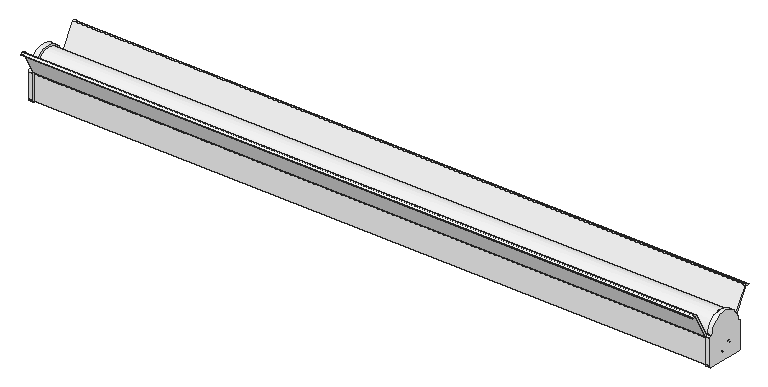
Revit family "0045204+0045233 Feilo Sylvania Lighting Fixture SYLBATTEN LED3 6000K TP4 E3 with SYMMETRIC REFLECTOR ACCESSORY 1200MM", category Lighting Fixtures, host Face, Revit 2017
Family settings
  Host = Face
  Round Connector Dimension = Use Diameter
  Part Type = Normal
  OmniClass Number = 23.80.70.00
  OmniClass Title = Lighting
  Cut with Voids When Loaded = No
  Light Source = Yes
  Shared = No
  Room Calculation Point = No
Parameters (values of type "0045204 Emergency mode")
  Width_FEILO = 66 mm
  Weight = "3.1 kg"
  Wattage Comments = "n/a"
  Wattage = 4.28898 W
  WarrantyStartDate [instance] = "n/a"
  WarrantyGuarantorParts = "n/a"
  WarrantyDurationUnit = "n/a"
  WarrantyDurationParts = "n/a"
  WarrantyDescription = "n/a"
  built-in parameter 1150110 = 1 (stored number, unit not read)
  Voltage = 230 V
  URL = "http://www.sylvania-lighting.com"
  TypeName = "SYLBATTEN LED3 6000K TP4 E3"
  Type Image = <None>
  Type Comments = "n/a"
  built-in parameter 1114217 = 1 (stored number, unit not read)
  Tilt Angle = -90.00°
  built-in parameter 1150109 = 1 (stored number, unit not read)
  built-in parameter 1150134 = 5
  SymReflector_FEILO = yes
  built-in parameter 1150113 = 1 (stored number, unit not read)
  SerialNumber [instance] = "n/a"
  PowerFactor = 0
  PowerConsumption = "4.28 W"
  Photometric Web File = "0045204+0045233.ies"
  NominalLength = 1205 mm
  NominalHeight = 91 mm
  NominalDepth = 122 mm
  Name = "SYLBATTEN LED3 6000K TP4 E3"
  ModelReference = Name  # "SYLBATTEN LED3 6000K TP4 E3"
  ModelNumber = "0045204"
  Model = Name  # "SYLBATTEN LED3 6000K TP4 E3"
  Material_4_FEILO = Reflector-Sylvania-Sylbatten-White
  Material_3_FEILO = Diffuser-Sylvania-Sylbatten-Glow
  Material_2_FEILO = Body-Sylvania-Sylbatten-White
  Material_1_FEILO = Body-Sylvania-Sylbatten-White
  Material = "sheet steel housing, polycarbonate diffuser"
  ManufacturerName = "Feilo Sylvania"
  Manufacturer = "Feilo Sylvania"
  LuminousEfficacy = "104.9 lm/W"
  built-in parameter 1150105 = 156.8 (stored number, unit not read)
  Lumens = 450 lm
  LuminaireType = ""
  built-in parameter 1150115 = 1 (stored number, unit not read)
  LightOutputRatio = "100"
  built-in parameter 1150137 = (empty or 0)
  built-in parameter 1150139 = (empty or 0)
  Length_FEILO = 1205 mm
  LampsType = Lamp  # "LED"
  LampNominalLuminous = "450 lm"
  LampMacAdamStep = "n/a"
  LampColourTemperature = "6000 K"
  LampColourRenderingIndex = "80"
  built-in parameter 1150112 = 1 (stored number, unit not read)
  built-in parameter 1150114 = 1 (stored number, unit not read)
  Lamp = "LED"
  Keynote = "16500"
  InstallationDate [instance] = "n/a"
  InputVoltage = "220-240V~"
  InputNominalFrequency = "n/a"
  built-in parameter 1150132 = (empty or 0)
  built-in parameter 1150102 = (empty or 0)
  built-in parameter 1150107 = 6000 (stored number, unit not read)
  built-in parameter 1150138 = (empty or 0)
  IngressProtection = "IP20"
  ImpactProtectionIndex = "IK07"
  built-in parameter 1150106 = 1.568 (stored number, unit not read)
  IfcExportType = "IfcLightFixtureType"
  IfcExportAs = "IfcLightFixtureType"
  Height_FEILO = 76 mm
  ExpectedLife = 50000
  Emit from Rectangle Width = Length_FEILO - 16 mm  # 1189 mm
  Emit from Rectangle Length = Width_FEILO - 40 mm  # 26 mm
  Emit Shape Visible in Rendering = no
  ElectricShockClassification = "Class I"
  built-in parameter 1150104 = 9.7474 (stored number, unit not read)
  DurationUnit = "hours"
  DocumentationLiterature = "http://www.sylvania-lighting.com/product/en-int/products/0045204"
  DimmingControlOptions = "n/a"
  Dimming Lamp Color Temperature Shift = <None>
  Description = "LED batten, T8 replacement, ease of installation through 2 part push-in design of the housing (safety cable included), through wiring capability (TP4 = 4 core), sheet steel, 2938LM, 26W, 113lm/W, 6000K, drive current: 350mA, CRI 80, 138° wide beam angle, electronic driver (non dimmable), integral 3 hour maintained emergency, IP20, IK07, 50,000 hrs (L70), (LxWxH) 1205x66x76mm, 5 step MacAdam ellipse, 3kg, white RAL 9016, Class 1, 220-240V, energy class: A++, A+, A."
  Default Elevation = 1219.2 mm
  CreatedOn = "1/25/2018"
  CreatedBy = ""
  Cost = 0
  Color Filter = 16777215
  built-in parameter 1114216 [instance] = (empty or 0)
  ClassificationValue = "EF_70_80"
  ClassificationName = "Uniclass2015"
  CapOffset_FEILO = 2 mm
  BarCode [instance] = "n/a"
  built-in parameter 1114218 = 1 (stored number, unit not read)
  BackReflector_FEILO = and(not(AsymReflector_FEILO), SymReflector_FEILO)  # yes
  built-in parameter 1150133 = 10 (stored number, unit not read)
  FrontReflector_FEILO = or(AsymReflector_FEILO, SymReflector_FEILO)  # yes
  AsymReflector_FEILO = no
  AssetType = "Fixed"
  AssetIdentifier [instance] = "n/a"
  Assembly Code = "D5020200"
  Apparent Load = 4.28898 VA
Types (2, lengths in mm): name | Wattage | PowerConsumption | built-in parameter 1150105 | Lumens | LampNominalLuminous | built-in parameter 1150106 | Apparent Load
  0045204 Emergency mode | 4.28898 W | "4.28 W" | 156.8 (stored number, unit not read) | 450 lm | "450 lm" | 1.568 (stored number, unit not read) | 4.28898 VA
  0045204 SYLBATTEN LED3 6000K TP4 E3 | 28 W | "28 W" | 233.78 (stored number, unit not read) | 2937.76 lm | "2938 lm" | 2.3378 (stored number, unit not read) | 28 VA
Reference planes
  plane 1 "Center (Front/Back)": y = 0
  plane 2: z = 0
  plane 3 "Center (Left/Right)": x = 0
  plane 4: x = 602.5
  plane 5: x = -602.5
  plane 6: y = 33
  plane 7: y = -33
  plane 8: z = 76
  plane 9: z = 47
  plane 10: y = -29
  plane 11: y = 29
  plane 12: z = 20
  plane 13: z = 74
  plane 14: y = -31
  plane 15: y = -27
  plane 16: y = 27
  plane 17: y = 31
  plane 18: z = 2
  plane 19: x = -594.5
  plane 20: x = 594.5
  plane 21: z = 49
  plane 22: y = 1
  plane 23: y = -1
  plane 24: z = 21
  plane 25: z = 19
  plane 26: y = -61
  plane 27: y = 61
  plane 28: y = -56
  plane 29: y = 56
  plane 30: z = 91
  plane 31: z = 88
Forms (mm)
  Extrusion 1, solid, material "Body-Sylvania-Sylbatten-White" <- "Material_2_FEILO"
    sketch origin (0, 0, 0) x (0, 1, 0) y (0, 0, 1)
      loop
        line (-31, 2) -> (31, 2) -> (31, 45)
        arc (31, 45) -> (30.414, 46.414) -> (29, 47) r 2
        line (29, 47) -> (27, 47)
        arc (27, 47) -> (0, 74) -> (-27, 47) r 27
        line (-27, 47) -> (-29, 47)
        arc (-29, 47) -> (-30.414, 46.414) -> (-31, 45) r 2
        line (-31, 45) -> (-31, 2)
    from -594.5 to 594.5
  Extrusion 2, solid, material "Body-Sylvania-Sylbatten-White" <- "Material_2_FEILO"
    sketch origin (602.5, 1524, 1219.2) x (0, 1, 0) y (0, 0, 1)
      loop
        arc (-1494, -1219.2) -> (-1491.879, -1218.321) -> (-1491, -1216.2) r 3
        line (-1491, -1216.2) -> (-1491, -1173.2)
        arc (-1491, -1173.2) -> (-1491.879, -1171.079) -> (-1494, -1170.2) r 3
        line (-1494, -1170.2) -> (-1495.069, -1170.2)
        arc (-1495.069, -1170.2) -> (-1524, -1143.2) -> (-1552.931, -1170.2) r 29
        line (-1552.931, -1170.2) -> (-1554, -1170.2)
        arc (-1554, -1170.2) -> (-1556.121, -1171.079) -> (-1557, -1173.2) r 3
        line (-1557, -1173.2) -> (-1557, -1216.2)
        arc (-1557, -1216.2) -> (-1556.121, -1218.321) -> (-1554, -1219.2) r 3
        line (-1554, -1219.2) -> (-1494, -1219.2)
      loop
        arc (-1525, -1189.25) -> (-1531.071, -1192.129) -> (-1533.95, -1198.2) r 10
        line (-1533.95, -1198.2) -> (-1532.944, -1198.2)
        arc (-1532.944, -1198.2) -> (-1530.364, -1192.836) -> (-1525, -1190.256) r 9
        line (-1525, -1190.256) -> (-1525, -1189.25)
      loop
        arc (-1523, -1190.256) -> (-1517.636, -1192.836) -> (-1515.056, -1198.2) r 9
        line (-1515.056, -1198.2) -> (-1514.05, -1198.2)
        arc (-1514.05, -1198.2) -> (-1516.929, -1192.129) -> (-1523, -1189.25) r 10
        line (-1523, -1189.25) -> (-1523, -1190.256)
      loop
        line (-1532.944, -1200.2) -> (-1533.95, -1200.2)
        arc (-1533.95, -1200.2) -> (-1531.071, -1206.271) -> (-1525, -1209.15) r 10
        line (-1525, -1209.15) -> (-1525, -1208.144)
        arc (-1525, -1208.144) -> (-1530.364, -1205.564) -> (-1532.944, -1200.2) r 9
      loop
        arc (-1515.056, -1200.2) -> (-1517.636, -1205.564) -> (-1523, -1208.144) r 9
        line (-1523, -1208.144) -> (-1523, -1209.15)
        arc (-1523, -1209.15) -> (-1516.929, -1206.271) -> (-1514.05, -1200.2) r 10
        line (-1514.05, -1200.2) -> (-1515.056, -1200.2)
    from 0 to -8
  Extrusion 3, solid, material "Body-Sylvania-Sylbatten-White" <- "Material_2_FEILO"
    sketch origin (-602.5, 1524, 1219.2) x (0, 1, 0) y (0, 0, 1)
      loop
        arc (-1495.069, -1170.2) -> (-1524, -1143.2) -> (-1552.931, -1170.2) r 29
        line (-1552.931, -1170.2) -> (-1554, -1170.2)
        arc (-1554, -1170.2) -> (-1556.121, -1171.079) -> (-1557, -1173.2) r 3
        line (-1557, -1173.2) -> (-1557, -1216.2)
        arc (-1557, -1216.2) -> (-1556.121, -1218.321) -> (-1554, -1219.2) r 3
        line (-1554, -1219.2) -> (-1494, -1219.2)
        arc (-1494, -1219.2) -> (-1491.879, -1218.321) -> (-1491, -1216.2) r 3
        line (-1491, -1216.2) -> (-1491, -1173.2)
        arc (-1491, -1173.2) -> (-1491.879, -1171.079) -> (-1494, -1170.2) r 3
        line (-1494, -1170.2) -> (-1495.069, -1170.2)
      loop
        line (-1533.95, -1198.2) -> (-1532.944, -1198.2)
        arc (-1532.944, -1198.2) -> (-1530.364, -1192.836) -> (-1525, -1190.256) r 9
        line (-1525, -1190.256) -> (-1525, -1189.25)
        arc (-1525, -1189.25) -> (-1531.071, -1192.129) -> (-1533.95, -1198.2) r 10
      loop
        line (-1523, -1189.25) -> (-1523, -1190.256)
        arc (-1523, -1190.256) -> (-1517.636, -1192.836) -> (-1515.056, -1198.2) r 9
        line (-1515.056, -1198.2) -> (-1514.05, -1198.2)
        arc (-1514.05, -1198.2) -> (-1516.929, -1192.129) -> (-1523, -1189.25) r 10
      loop
        line (-1514.05, -1200.2) -> (-1515.056, -1200.2)
        arc (-1515.056, -1200.2) -> (-1517.636, -1205.564) -> (-1523, -1208.144) r 9
        line (-1523, -1208.144) -> (-1523, -1209.15)
        arc (-1523, -1209.15) -> (-1516.929, -1206.271) -> (-1514.05, -1200.2) r 10
      loop
        line (-1525, -1209.15) -> (-1525, -1208.144)
        arc (-1525, -1208.144) -> (-1530.364, -1205.564) -> (-1532.944, -1200.2) r 9
        line (-1532.944, -1200.2) -> (-1533.95, -1200.2)
        arc (-1533.95, -1200.2) -> (-1531.071, -1206.271) -> (-1525, -1209.15) r 10
    from 0 to 8
  Extrusion 4, solid, material "Reflector-Sylvania-Sylbatten-White" <- "Material_4_FEILO", visible <- "FrontReflector_FEILO"
    sketch origin (0, 0, 0) x (0, 1, 0) y (0, 0, 1)
      loop
        line (-61.257, 88.429) -> (-60.743, 87.571) -> (-56.621, 90.044)
        arc (-56.621, 90.044) -> (-56.237, 90.099) -> (-55.929, 89.863) r 0.5
        line (-55.929, 89.863) -> (-31.435, 46.753) -> (-30.565, 47.247) -> (-55.312, 90.802)
        arc (-55.312, 90.802) -> (-55.928, 91.275) -> (-56.696, 91.165) r 1
        line (-56.696, 91.165) -> (-61.257, 88.429)
    from -594.5 to 594.5
  Extrusion 5, solid, material "Reflector-Sylvania-Sylbatten-White" <- "Material_4_FEILO", visible <- "BackReflector_FEILO"
    sketch origin (0, 0, 0) x (0, 1, 0) y (0, 0, 1)
      loop
        line (30.565, 47.247) -> (31.435, 46.753) -> (55.932, 89.868)
        arc (55.932, 89.868) -> (56.245, 90.112) -> (56.638, 90.062) r 0.518
        line (56.638, 90.062) -> (61.033, 87.565) -> (61.527, 88.435) -> (56.682, 91.188)
        arc (56.682, 91.188) -> (55.922, 91.282) -> (55.318, 90.812) r 1
        line (55.318, 90.812) -> (30.565, 47.247)
    from -594.5 to 594.5
Lines and regions (mm)
  reference lines
    curve 1: line (0, -61, 88) -> (0, -56, 91)
    curve 2: line (0, -56, 91) -> (0, -31, 47)
    curve 3: line (0, 31, 47) -> (0, 56, 91)
    curve 4: line (0, 56, 91) -> (0, 61.28, 88)
Dimensions and locks
  equal spacing: plane 5, plane 3 "Center (Left/Right)", plane 4
  equal spacing: plane 7, plane 1 "Center (Front/Back)", plane 6
  "Width_FEILO": plane 7 to plane 6
  "Length_FEILO": plane 5 to plane 4
  "Height_FEILO": plane 8 to plane 2
  locked: plane 9 to plane 8 at 29
  equal spacing: plane 10, plane 1 "Center (Front/Back)", plane 11
  locked: plane 7 to plane 10 at 4
  locked: plane 12 to plane 2 at 20
  "CapOffset_FEILO": plane 13 to plane 8
  "CapOffset_FEILO": plane 7 to plane 14
  "CapOffset_FEILO": plane 10 to plane 15
  "CapOffset_FEILO": plane 17 to plane 6
  "CapOffset_FEILO": plane 16 to plane 11
  "CapOffset_FEILO": plane 18 to plane 2
  locked: plane 14 to Extrusion 1 sketch curve at 2
  locked: Extrusion 1 sketch curve to plane 9 at 2  (x2)
  locked: plane 16 to Extrusion 1 sketch curve at 2
  equal spacing: plane 19, plane 3 "Center (Left/Right)", plane 20
  locked: plane 5 to plane 19 at 8
  "CapOffset_FEILO": plane 9 to plane 21
  locked: Extrusion 2 sketch curve to plane 2 at 47
  locked: Extrusion 1 sketch curve to plane 2 at 47
  locked: Extrusion 2 sketch curve to plane 2 at 3  (x2)
  locked: plane 7 to Extrusion 2 sketch curve at 3  (x2)
  locked: Extrusion 2 sketch curve to plane 6 at 3  (x2)
  locked: Extrusion 2 sketch curve to plane 21 at 3  (x2)
  equal spacing: plane 23, plane 1 "Center (Front/Back)", plane 22
  equal spacing: plane 25, plane 12, plane 24
  plane 30 to plane 31 to plane 2 = 3 mm locked, 88 mm locked
  plane 28 to plane 29 = 112 mm
  plane 26 to plane 27 = 122 mm
  aligned and locked: plane 2 to host face
  aligned and locked: level to host face
  aligned and locked: plane 18 to Extrusion 1 sketch curve
  aligned and locked: plane 14 to Extrusion 1 sketch curve
  aligned and locked: Extrusion 1 sketch curve to plane 9  (x2)
  aligned and locked: Extrusion 1 sketch curve to plane 17
  aligned and locked: plane 15 to Extrusion 1 sketch curve
  aligned and locked: plane 16 to Extrusion 1 sketch curve
  aligned and locked: plane 9 to Extrusion 1 sketch curve
  aligned and locked: plane 20 to Extrusion 1
  aligned and locked: level to Extrusion 2 sketch curve
  aligned and locked: Extrusion 2 sketch curve to plane 7
  aligned and locked: plane 21 to Extrusion 2 sketch curve
  aligned and locked: Extrusion 2 sketch curve to plane 21
  aligned and locked: plane 1 "Center (Front/Back)" to Extrusion 2 sketch curve  (x3)
  aligned and locked: Extrusion 2 to Extrusion 1
  aligned and locked: plane 4 to Extrusion 2
  aligned and locked: plane 12 to Extrusion 2 sketch curve  (x2)
  aligned and locked: Extrusion 2 sketch curve to plane 22
  aligned and locked: Extrusion 2 sketch curve to plane 23
  aligned and locked: Extrusion 2 sketch curve to plane 24
  aligned and locked: Extrusion 2 sketch curve to plane 25
  aligned and locked: plane 25 to Extrusion 2 sketch curve
  aligned and locked: plane 22 to Extrusion 2 sketch curve
  aligned and locked: plane 24 to Extrusion 2 sketch curve
  aligned and locked: plane 23 to Extrusion 2 sketch curve  (x2)
  aligned and locked: Extrusion 3 sketch curve to Extrusion 2  (x22)
  aligned and locked: Extrusion 3 to Extrusion 1
  aligned and locked: Extrusion 3 to plane 5
  aligned and locked: plane 19 to Extrusion 3
  aligned and locked: plane 31 to curve 1
  aligned and locked: plane 30 to curve 1
  aligned and locked: plane 14 to curve 2
  aligned and locked: plane 9 to curve 2
  aligned and locked: plane 17 to curve 3
  aligned and locked: plane 30 to curve 3
  aligned and locked: plane 31 to curve 4
  aligned and locked: Extrusion 4 sketch curve to curve 2
  aligned and locked: Extrusion 4 sketch curve to curve 1
  aligned and locked: Extrusion 4 to Extrusion 1
  aligned and locked: Extrusion 1 to Extrusion 4
  aligned and locked: imposter light to plane 1 "Center (Front/Back)"
  aligned and locked: imposter light to plane 3 "Center (Left/Right)"
  aligned and locked: imposter light to plane 13
  aligned and locked: Extrusion 5 sketch curve to curve 4
  aligned and locked: Extrusion 5 sketch curve to curve 3
  aligned and locked: Extrusion 1 to Extrusion 5
  aligned and locked: Extrusion 5 to Extrusion 1
Automatic sketch dimensions
  host sketch curve to host sketch curve = 2438.4 mm  (x2)
  Extrusion 2 sketch curve to Extrusion 2 sketch curve = 0 mm  (x14)
  Extrusion 2 sketch curve to plane 10 = 0.069 mm
  plane 23 to Extrusion 2 sketch curve = 8.95 mm
  Extrusion 2 sketch curve to Extrusion 2 sketch curve = 1.006 mm  (x4)
  Extrusion 2 sketch curve to plane 22 = 7.944 mm
  curve 1 to plane 26 = 0 mm
  curve 2 to plane 28 = 0 mm
  curve 4 to plane 29 = 0 mm
  plane 9 to curve 3 = 0 mm
  plane 26 to Extrusion 4 sketch curve = 0.257 mm
  Extrusion 4 sketch curve to plane 26 = 0.257 mm
  Extrusion 4 sketch curve to plane 30 = 0.165 mm
  plane 28 to Extrusion 4 sketch curve = 0.696 mm
  plane 28 to Extrusion 4 sketch curve = 0.621 mm
  plane 28 to Extrusion 4 sketch curve = 0.364 mm
  plane 28 to Extrusion 4 sketch curve = 0.182 mm
  Extrusion 4 sketch curve to plane 28 = 0.071 mm
  plane 30 to Extrusion 4 sketch curve = 0.198 mm
  Extrusion 4 sketch curve to plane 28 = 0.688 mm
  plane 9 to Extrusion 4 sketch curve = 0.247 mm
  plane 1 "Center (Front/Back)" to Extrusion 4 sketch curve = 31.435 mm
  Extrusion 5 sketch curve to plane 9 = 0.247 mm
  Extrusion 5 sketch curve to plane 1 "Center (Front/Back)" = 30.565 mm
  plane 9 to Extrusion 5 sketch curve = 0.247 mm
  plane 30 to Extrusion 5 sketch curve = 0.188 mm
  plane 29 to Extrusion 5 sketch curve = 0.068 mm
  Extrusion 5 sketch curve to plane 29 = 0.188 mm
  Extrusion 5 sketch curve to plane 29 = 0.382 mm
  Extrusion 5 sketch curve to Extrusion 5 sketch curve = 0.256 mm
  Extrusion 5 sketch curve to plane 30 = 0.188 mm
  Extrusion 5 sketch curve to plane 29 = 0.682 mm
  Extrusion 5 sketch curve to plane 27 = 0.033 mm
  Extrusion 5 sketch curve to plane 27 = 0.527 mm
Connectors
  electrical at (0, 0, 0), driven by "Apparent Load", driven by "PowerFactor", driven by "Voltage"
    settings: index 1, voltage 230 V, apparent load 4.28898 VA, apparent load phase1 0 VA, apparent load phase2 0 VA, apparent load phase3 0 VA, power factor 0, load classification "Lighting", number of poles 1, system type 30, power factor state 1, is connector primary yes, connector utility no, sub classification motor no, connector description ""
